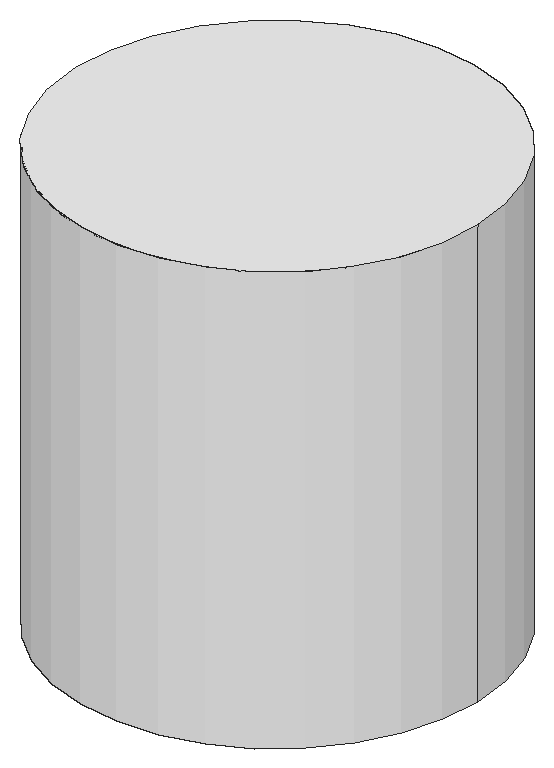
Revit family "TBW01407A_TAC", category Plumbing Fixtures, Revit 2018
Family settings
  Round Connector Dimension = Use Diameter
  Part Type = Normal
  OmniClass Number = 23.45.00.00
  OmniClass Title = Sanitary, Laundry, and Cleaning Equipment
  Work Plane-Based = No
  Always vertical = Yes
  Cut with Voids When Loaded = No
  Shared = No
  Room Calculation Point = No
Parameters
  Water Pressure = "0.05~1.0MPa"
  URL = "https://asia.toto.com/"
  Product URL = ""
  Product Documentation Link = ""
  Model = "TBW01407A"
  Material = none
  Flow rate = ""
  Description = "Thermostat Shower Column with Over Head Shower(2 mode)"
  Manufacturer = "TOTO LTD."  # constant formula
  HW Connection = yes
  Contact Us = ""
  CW Connection = yes
  Waste Connection = no
  Vent Connection = no
  Type Comments = ""
  Width = 298.0 mm
  Length = 586.0 mm
  Height = 1190.0 mm
  Finish = Polished Chrome
Reference planes
  plane 1 "Center (Front/Back)": y = 0
  plane 2: z = 0
  plane 3 "Center (Left/Right)": x = 0
  plane 4 "Left": x = -149
  plane 5 "Right": x = 149
  plane 6 "Up": z = 1143
  plane 7 "Down": z = -47
  plane 8 "Back": y = 0
  plane 9 "Front": y = -586
Forms (mm)
  Extrusion 1, solid, material "Polished Chrome"
    sketch origin (0, 0, 0) x (1, 0, 0) y (0, 1, 0)
      loop
        circle (0, -76) r 17
    from 826.787 to 862.908
Dimensions and locks
  "Width": plane 4 "Left" to plane 5 "Right"
  "Length": plane 8 "Back" to plane 9 "Front"
  "Height": plane 6 "Up" to plane 7 "Down"
  aligned and locked: level to plane 2
Automatic sketch dimensions
  Extrusion 1 sketch curve to plane 3 "Center (Left/Right)" = 0.0 mm
  plane 1 "Center (Front/Back)" to Extrusion 1 sketch curve = 76.0 mm
  radius of Extrusion 1 sketch curve = 17.0 mm
Connectors
  piping at (-75, 0, 0), diameter 15
    settings: on import instance, index 1, connector inside diameter 609.6 mm, connector length 0.0 mm, flow factor 0, pipe flow 0.0 L/s, pressure drop 0.0 Pa, fitting loss kfactor 0, connector angle 0.00°, fixture units 0, engagement length 0.0 mm, angle of deflection 0.00°, flow configuration 2, flow direction 1, fitting loss method 0, system type 19, joint type 0, gender type 0, connector reference index -1, connector utility 0, adjustable connector no, is connector primary yes, connector description ""
  piping at (75, 0, 0), diameter 15
    settings: on import instance, index 2, connector inside diameter 609.6 mm, connector length 0.0 mm, flow factor 0, pipe flow 0.0 L/s, pressure drop 0.0 Pa, fitting loss kfactor 0, connector angle 0.00°, fixture units 0, engagement length 0.0 mm, angle of deflection 0.00°, flow configuration 2, flow direction 1, fitting loss method 0, system type 20, joint type 0, gender type 0, connector reference index -1, connector utility 0, adjustable connector no, is connector primary no, connector description ""
